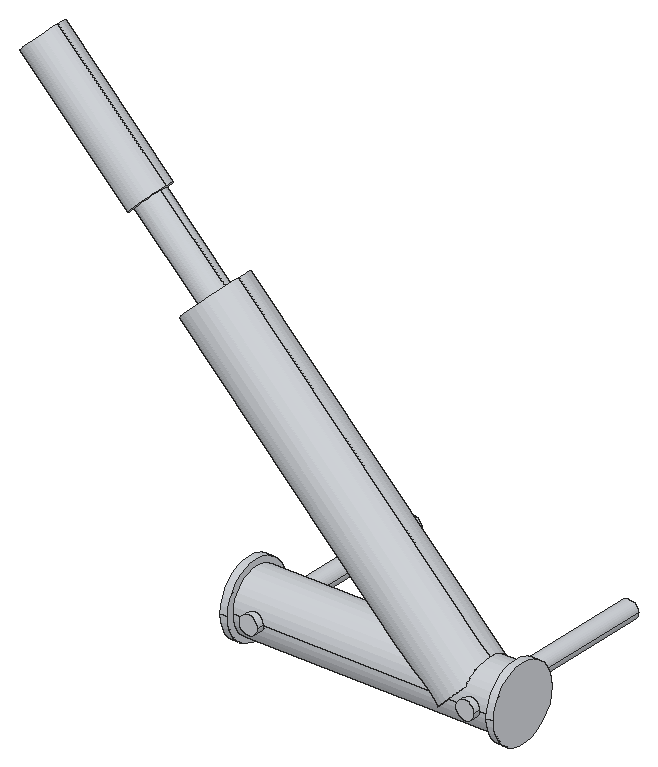
Revit family "M_Válvula de equilíbrio - Reta - 15-50 mm - Rosqueada", category Acessórios do tubo, Revit 2019
Family settings
  Cota do conector redondo = Usar raio
  Tipo de parte = Válvula - Quebra entre
  Número OmniClass = 23.65.55.14.17
  Título OmniClass = Adjusting/Controlling Valves for Liquid Services
  ID de item do Seek = Balancing Valve - Straight - 15-50 mm - Threaded-0000-CAN-ENU
  Com base no plano de trabalho = Não
  Sempre na vertical = Sim
  Corte com vazios quando carregada = Não
  Compartilhado = Não
Parameters (values of type "15 mm")
  Largura 1 = 1.2 * Raio externo  # 10.8 mm
  Material da válvula = none
  Comprimento da válvula = 81 mm
  Espessura do soquete = 0.2 * Raio do soquete  # 2.16 mm
  Raio do soquete = 1.2 * Raio externo  # 10.8 mm
  Raio 4 = 1.1 * Raio externo  # 9.9 mm
  Raio 3 = 0.3 * Raio externo  # 2.7 mm
  Raio 2 = 0.7 * Raio externo  # 6.3 mm
  Raio 1 = Raio externo / 2  # 4.5 mm
  Raio externo = 1.2 * Raio nominal  # 9 mm
  Altura aberta = 132 mm
  Raio nominal = 7.5 mm
  Diâmetro nominal = Raio nominal * 2  # 15 mm
  Comprimento 6 = Comprimento 5  # 6.25 mm
  Comprimento 5 = Comprimento 1 / 2  # 6.25 mm
  Comprimento 4 = 0.25 * ((Altura aberta - Raio 2 * cos(Ângulo)) / sin(Ângulo))  # 45.094 mm
  Comprimento 3 = 0.15 * ((Altura aberta - Raio 2 * cos(Ângulo)) / sin(Ângulo))  # 27.056 mm
  Comprimento 2 = 0.6 * ((Altura aberta - Raio 2 * cos(Ângulo)) / sin(Ângulo))  # 108.226 mm
  Comprimento 1 = 12.5 mm
  K Coefficient = 11.49
  C1 Deslocamento 1 = 50 mm
  Ângulo = 45.00°
Types (7, lengths in mm): name | Largura 1 | Comprimento da válvula | Espessura do soquete | Raio do soquete | Raio 4 | Raio 3 | Raio 2 | Raio 1 | Raio externo | Altura aberta | Raio nominal | Diâmetro nominal | Comprimento 6 | Comprimento 5 | Comprimento 4 | Comprimento 3 | Comprimento 2 | Comprimento 1 | K Coefficient | C1 Deslocamento 1 | Ângulo
  (no name) | 10.8 | 81 | 2.16 | 10.8 | 9.9 | 2.7 | 6.3 | 4.5 | 9 | 132 | 7.5 | 15 | 6.25 | 6.25 | 45.094 | 27.056 | 108.226 | 12.5 | 11.49 | 50 | 45.00°
  50 mm | 36 | 160 | 7.2 | 36 | 33 | 9 | 21 | 15 | 30 | 172 | 25 | 50 | 12.5 | 12.5 | 51.727 | 31.036 | 124.145 | 25 | 15.82 | 92 | 50.00°
  40 mm | 28.8 | 130 | 5.76 | 28.8 | 26.4 | 7.2 | 16.8 | 12 | 24 | 163 | 20 | 40 | 13.5 | 13.5 | 47.86 | 28.716 | 114.863 | 27 | 11.26 | 60.3 | 53.00°
  32 mm | 23.04 | 111 | 4.608 | 23.04 | 21.12 | 5.76 | 13.44 | 9.6 | 19.2 | 152 | 16 | 32 | 12.5 | 12.5 | 45.049 | 27.03 | 108.118 | 25 | 15.08 | 57 | 53.00°
  25 mm | 18 | 95 | 3.6 | 18 | 16.5 | 4.5 | 10.5 | 7.5 | 15 | 140 | 12.5 | 25 | 12.5 | 12.5 | 41.847 | 25.108 | 100.432 | 25 | 8.9 | 52 | 53.00°
  15 mm | 10.8 | 81 | 2.16 | 10.8 | 9.9 | 2.7 | 6.3 | 4.5 | 9 | 132 | 7.5 | 15 | 6.25 | 6.25 | 45.094 | 27.056 | 108.226 | 12.5 | 11.49 | 50 | 45.00°
  20 mm | 14.4 | 81 | 2.88 | 14.4 | 13.2 | 3.6 | 8.4 | 6 | 12 | 132 | 10 | 20 | 10 | 10 | 39.738 | 23.843 | 95.371 | 20 | 31.28 | 50 | 53.00°
Reference planes
  plane 1 "Centro (Frente/Trás)": y = 0
  plane 2: z = 0
  plane 3 "Centro (Esquerda/Direita)": x = 0
  plane 4: y = 50
  plane 5: y = -10.8
  plane 6: x = -40.5
  plane 7: x = 40.5
  plane 8: x = 38.34
  plane 9: x = -38.34
  plane 10: x = 25.84
  plane 11: x = 32.09
  plane 12: x = -32.09
  plane 13: z = 132
Forms (mm)
  Extrusion 1, solid, material <- "Material da válvula", detail levels fine
    sketch origin (0, 0, 0) x (0, 1, 0) y (0, 0, 1)
      loop
        circle (0, 0) r 9
    from -38.34 to 38.34
  Extrusion 2, solid, material <- "Material da válvula", detail levels fine
    sketch origin (0, 0, 0) x (0, 1, 0) y (0, 0, 1)
      loop
        circle (0, 0) r 10.8
    from 38.34 to 40.5
  Extrusion 3, solid, material <- "Material da válvula", detail levels fine
    sketch origin (0, 0, 0) x (0, 1, 0) y (0, 0, 1)
      loop
        circle (0, 0) r 10.8
    from -40.5 to -38.34
  Sweep 4, solid, material <- "Material da válvula", detail levels fine
    path in 3D
      loop
        line (25.84, 0, 0) -> (-50.687, 0, 76.527)
    profile origin (-12.424, 0, 38.264) x (-0.707107, 0, -0.707107) y (0, -1, 0)
      loop
        circle (0, 0) r 9.9
  Sweep 5, solid, material <- "Material da válvula", detail levels fine
    path in 3D
      loop
        line (-50.687, 0, 76.527) -> (-69.819, 0, 95.659)
    profile origin (-60.253, 0, 86.093) x (-0.707107, 0, -0.707107) y (0, -1, 0)
      loop
        circle (0, 0) r 4.5
  Sweep 6, solid, material <- "Material da válvula", detail levels fine
    path in 3D
      loop
        line (-69.819, 0, 95.659) -> (-101.705, 0, 127.545)
    profile origin (-85.762, 0, 111.602) x (-0.707107, 0, -0.707107) y (0, -1, 0)
      loop
        circle (0, 0) r 6.3
  Extrusion 7, solid, material <- "Material da válvula", detail levels fine
    sketch origin (0, 0, 0) x (1, 0, 0) y (0, 0, 1)
      loop
        circle (-32.09, 0) r 2.7
      loop
        circle (32.09, 0) r 2.7
    from -50 to 10.8
Cuts and joins
  joined: Extrusion 1, Extrusion 2, Extrusion 3, Sweep 4, Sweep 5, Sweep 6
Lines and regions (mm)
  reference lines
    curve 1: line (25.84, 0, 0) -> (-50.687, 0, 76.527)
    curve 2: line (-50.687, 0, 76.527) -> (-69.819, 0, 95.659)
    curve 3: line (-69.819, 0, 95.659) -> (-101.705, 0, 127.545)
  sketch lines
    curve 4: line (25.84, 0, 0) -> (-50.687, 0, 76.527)
    curve 5: line (-50.687, 0, 76.527) -> (-69.819, 0, 95.659)
    curve 6: line (-69.819, 0, 95.659) -> (-101.705, 0, 127.545)
  model lines, detail levels coarse+medium
    curve 7: line (0, 0, 0) -> (40.5, 23.383, 0)
    curve 8: line (0, 0, 0) -> (40.5, -23.383, 0)
    curve 9: line (40.5, 23.383, 0) -> (40.5, -23.383, 0)
    curve 10: line (0, 0, 0) -> (-40.5, 23.383, 0)
    curve 11: line (0, 0, 0) -> (-40.5, -23.383, 0)
    curve 12: line (-40.5, 23.383, 0) -> (-40.5, -23.383, 0)
    curve 13: line (-20.25, 11.691, 0) -> (-20.25, 26.691, 0)
    curve 14: line (20.25, 11.691, 0) -> (20.25, 26.691, 0)
Dimensions and locks
  "C1 Deslocamento 1": plane 4 to plane 1 "Centro (Frente/Trás)"
  "Largura 1": plane 1 "Centro (Frente/Trás)" to plane 5
  equal spacing: plane 7, plane 3 "Centro (Esquerda/Direita)", plane 6
  "Comprimento da válvula": plane 7 to plane 6
  "Espessura do soquete": plane 6 to plane 9
  "Espessura do soquete": plane 7 to plane 8
  "Comprimento 1": plane 8 to plane 10
  "Comprimento 5": plane 8 to plane 11
  "Comprimento 6": plane 9 to plane 12
  "Altura aberta": plane 13 to plane 2
  "Comprimento 2": curve 1 to curve 1
  "Comprimento 3": curve 2 to curve 2
  "Comprimento 4": curve 3 to curve 3
  equal spacing: plane 6, curve 13, plane 3 "Centro (Esquerda/Direita)"
  equal spacing: plane 3 "Centro (Esquerda/Direita)", curve 14, plane 7
  "Diâmetro nominal": curve 14 to curve 14
  "Diâmetro nominal": curve 13 to curve 13
  "Raio externo": radius of Extrusion 1 sketch curve
  "Raio do soquete": radius of Extrusion 2 sketch curve
  "Raio do soquete": radius of Extrusion 3 sketch curve
  "Raio 4": radius of Sweep 4 sketch curve
  "Raio 1": radius of Sweep 5 sketch curve
  "Raio 2": radius of Sweep 6 sketch curve
  "Raio 3": radius of Extrusion 7 sketch curve  (x2)
  "Ângulo": angle curve 1 to plane 2
  "Ângulo": angle curve 2 to plane 2
  "Ângulo": angle curve 3 to plane 2
  locked: plane 1 "Centro (Frente/Trás)" to curve 7 (angle 30.00°)
  locked: curve 8 to plane 1 "Centro (Frente/Trás)" (angle 30.00°)
  locked: curve 10 to plane 1 "Centro (Frente/Trás)" (angle 30.00°)
  locked: plane 1 "Centro (Frente/Trás)" to curve 11 (angle 30.00°)
  aligned and locked: level to plane 2
  aligned and locked: plane 10 to curve 1
  aligned and locked: plane 2 to curve 1
  aligned and locked: plane 1 "Centro (Frente/Trás)" to Extrusion 1 sketch curve
  aligned and locked: plane 2 to Extrusion 1 sketch curve
  aligned and locked: plane 9 to Extrusion 1
  aligned and locked: plane 8 to Extrusion 1
  aligned and locked: plane 1 "Centro (Frente/Trás)" to Extrusion 2 sketch curve
  aligned and locked: plane 2 to Extrusion 2 sketch curve
  aligned and locked: plane 1 "Centro (Frente/Trás)" to Extrusion 3 sketch curve
  aligned and locked: plane 2 to Extrusion 3 sketch curve
  aligned and locked: Extrusion 3 to plane 6
  aligned and locked: Extrusion 3 to plane 9
  aligned and locked: Extrusion 2 to plane 8
  aligned and locked: plane 7 to Extrusion 2
  aligned and locked: plane 2 to Extrusion 7 sketch curve  (x2)
  aligned and locked: plane 12 to Extrusion 7 sketch curve
  aligned and locked: plane 11 to Extrusion 7 sketch curve
  aligned and locked: Extrusion 7 to plane 4
  aligned and locked: plane 5 to Extrusion 7
  aligned and locked: curve 1 to curve 7
  aligned and locked: plane 3 "Centro (Esquerda/Direita)" to curve 7
  aligned and locked: curve 9 to plane 7
  aligned and locked: curve 12 to plane 6
Automatic sketch dimensions
  Sweep 4 sketch curve to profile plane = 0 mm  (x2)
  Sweep 5 sketch curve to profile plane = 0 mm  (x2)
  Sweep 6 sketch curve to profile plane = 0 mm  (x2)
Connectors
  piping at (-40.5, 0, 0), diameter 15, driven by "Raio nominal"
    settings: on cut or joined group of Extrusion 1, Extrusion 2, Extrusion 3, Sweep 4, Sweep 5, Sweep 6, index 1, connector inside diameter 15 mm, connector length 0 mm, flow factor 0, pipe flow 0.0 L/s, pressure drop 0.0 Pa, fitting loss kfactor 0, connector angle 0.00°, fixture units 0, engagement length 0 mm, angle of deflection 0.00°, flow configuration 0, flow direction 0, fitting loss method 2, system type 29, joint type 0, gender type 0, connector reference index 2, connector utility 0, adjustable connector no, is connector primary yes, connector description ""
  piping at (40.5, 0, 0), diameter 15, driven by "Raio nominal", driven by "K Coefficient"
    settings: on cut or joined group of Extrusion 1, Extrusion 2, Extrusion 3, Sweep 4, Sweep 5, Sweep 6, index 2, connector inside diameter 15 mm, connector length 0 mm, flow factor 0, pipe flow 0.0 L/s, pressure drop 0.0 Pa, fitting loss kfactor 11.49, connector angle 0.00°, fixture units 0, engagement length 0 mm, angle of deflection 0.00°, flow configuration 0, flow direction 0, fitting loss method 2, system type 29, joint type 0, gender type 0, connector reference index 1, connector utility 0, adjustable connector no, is connector primary no, connector description ""
